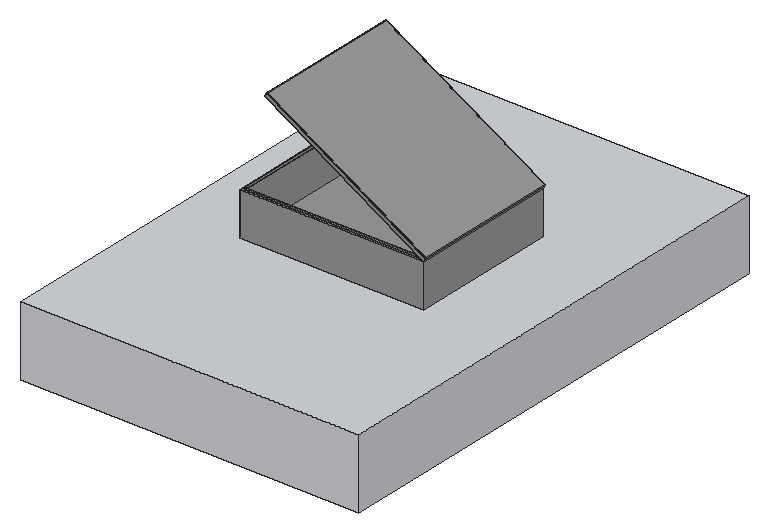
Revit family "Hager-Univers-IP44-D205-H650-Cl.II-Encl-ES-es", category Equipement électrique, Revit 2020
Family settings
  Hôte = Face
  Configuration du panneau = Deux colonnes, circuits au sein
  Cote de connecteur circulaire = Utiliser le diamètre
  Type d'élément = Tableau de raccordement
  Couper avec des vides une fois chargée = Non
  Partagée = Non
  Point de calcul de pièce = Non
Parameters (values of type "Montado superficial (escayola) IP44 A800 A650 P205  - FP43SN2")
  Width Control [instance] = if([EF000008 - Anchura] > Min Width, [EF000008 - Anchura], Min Width)  # 800 mm
  Commentaires du type = [HG000003 - Gama]  # "Univers"
  Thickness Door [instance] = if([EF009171 - Espesor puerta/tapa] > 3 mm, 3 mm, [EF009171 - Espesor puerta/tapa])  # 1 mm
  Seal Frame Offset [instance] = 17 mm  # constant formula
  Plinth Visibility [instance] = [HG000027 - Altura de zócalo] > 0 mm  # no
  Model = ""
  Min Width [instance] = 100 mm  # constant formula
  Min Height [instance] = 100 mm  # constant formula
  Min Depth [instance] = (2 * [EF009170 - Espesor del material de la caja]) + 1 mm  # 3 mm
  Internal Frame Depth [instance] = (Door System Depth * 0.5)  # 9 mm
  Height Control [instance] = if([EF000040 - Altura] > Min Height, [EF000040 - Altura], Min Height)  # 650 mm
  HG000027 - Altura de zócalo = 0 mm
  HG000026 - Instalación en suelo = no
  HG000024 - Altura de la sección inferior = 800 mm
  HG000023 - Caja de doble sección = no
  HG000016 - Visibilidad de la puerta 3D [instance] = yes
  HG000015 - Visibilidad a través de la puerta [instance] = no
  HG000014 - Puerta a la derecha [instance] = yes
  HG000013 - Puerta a la izquierda [instance] = not([HG000014 - Puerta a la derecha])  # no
  HG000012 - Ángulo de giro de la puerta [instance] = 30.00°
  HG000010 - Puertas asimétricas = no
  HG000009 - Puerta batiente doble = no
  HG000006 - Empotrado = no
  HG000004 - Referencia del fabricante = "FP43SN2"
  HG000003 - Gama = "Univers"
  HG000002 - Con puerta o tapa = yes
  Frame Offset Bottom [instance] = 10 mm  # constant formula
  Frame Offset [instance] = 15 mm  # constant formula
  EF015940 - Tapa con alivio de sobrepresión = no
  EF011959 - Grado de protección (NEMA) = ""
  EF009554 - Número de aberturas para placas-brida = 6
  Fabricant = "Hager"  # constant formula
  EF009212 - Versión de la cubierta = "EV000116 - Cerrado"
  EF009171 - Espesor puerta/tapa = 1 mm
  EF009170 - Espesor del material de la caja = 1 mm
  EF008873 - Corriente nominal (In) = 250 A
  EF007800 - Adecuado para la protección contra rayos = no
  EF006306 - Con cierre = no
  EF006244 - Tapa/puerta transparente = no
  EF005474 - Grado de protección (IP) = "EV006418 - IP44"
  EF004464 - Tipo de puerta = "EV002646 - Único"
  EF004427 - Número de módulos = 144
  EF004293 - Resistencia al impacto (IK) = "EV006815 - IK09"
  EF003532 - Adecuado para uso en exteriores = no
  EF002950 - Anchura de unidades de división = 36
  EF001613 - Integridad del circuito = "EV000494 - Ninguno"
  EF001596 - Material de la carcasa = "EV000179 - Acero"
  EF001131 - Profundidad interna = 143 mm
  EF001088 - Posibilidad de extensión = yes
  EF000437 - Número de entradas de conductos de cables = 6
  EF000339 - Tipo de cubierta = "EV001012 - Cubrir"
  EF000266 - Número de filas = 4
  EF000218 - Profundidad de instalación = 205 mm
  EF000118 - Con placa de montaje = no
  EF000116 - Número RAL = "9010"
  EF000049 - Profundidad = 205 mm
  EF000040 - Altura = 650 mm
  EF000008 - Anchura = 800 mm
  EF000007 - Color = "EV000202 - Blanco"
  EF000003 - Tipo de montaje = "EV000384 - Montado superficial (escayola)"
  Door System Leaf Tolerance [instance] = 1.5 mm  # constant formula
  Door System Depth [instance] = 18 mm  # constant formula
  Door Height [instance] = Height Control - [HG000027 - Altura de zócalo]  # 650 mm
  Depth Control [instance] = if([EF000049 - Profundidad] > Min Depth, [EF000049 - Profundidad], Min Depth)  # 205 mm
  Default Elevation = 0 mm
  Connector Offset [instance] = Height Control / 2  # 325 mm
  Bottom Top Plate Trim [instance] = 1.5 mm  # constant formula
  Plinth height Ctrl [instance] = if([HG000027 - Altura de zócalo] > 0 mm, [HG000027 - Altura de zócalo], 12 mm)  # 12 mm
Types (5, lengths in mm): name | Width Control | HG000010 - Puertas asimétricas | HG000009 - Puerta batiente doble | HG000004 - Referencia del fabricante | EF009554 - Número de aberturas para placas-brida | EF004464 - Tipo de puerta | EF004427 - Número de módulos | EF002950 - Anchura de unidades de división | EF000437 - Número de entradas de conductos de cables | EF000008 - Anchura
  Montado superficial (escayola) IP44 A1050 A650 P205  - FP44SN2 | 1050 | no | yes | "FP44SN2" | 8 | "EV003602 - Doble" | 192 | 48 | 8 | 1050
  Montado superficial (escayola) IP44 A1300 A650 P205  - FP45SN2 | 1300 | yes | yes | "FP45SN2" | 10 | "EV003602 - Doble" | 240 | 60 | 10 | 1300
  Montado superficial (escayola) IP44 A300 A650 P205  - FP41SN2 | 300 | no | no | "FP41SN2" | 2 | "EV002646 - Único" | 48 | 12 | 2 | 300
  Montado superficial (escayola) IP44 A550 A650 P205  - FP42SN2 | 550 | no | no | "FP42SN2" | 4 | "EV002646 - Único" | 96 | 24 | 4 | 550
  Montado superficial (escayola) IP44 A800 A650 P205  - FP43SN2 | 800 | no | no | "FP43SN2" | 6 | "EV002646 - Único" | 144 | 36 | 6 | 800
Reference planes
  plane 1 "Center (Front/Back)": y = 0
  plane 2: z = 0
  plane 3 "Center (Left/Right)": x = 0
  plane 4: z = 205
  plane 5: y = 1
  plane 6: y = 325
  plane 7: y = 0
  plane 8: y = 650
  plane 9: z = 0
  plane 10: x = -385
  plane 11: x = 385
  plane 12: x = 384
  plane 13: x = -384
  plane 14: y = 649
  plane 15: x = -383
  plane 16: x = -400
  plane 17: x = 383
  plane 18: x = 400
  plane 19: x = 399
  plane 20: x = -399
  plane 21: y = 11
  plane 22: y = 650
  plane 23: y = 634
  plane 24: z = 187
  plane 25: z = 1
  plane 26: z = 186
  plane 27: z = 204
Forms (mm)
  Extrusion 1, solid
    sketch origin (0, 0, 0) x (1, 0, 0) y (0, 1, 0)
      loop
        line (-702.964, 1305) -> (-702.964, -811.445) -> (766.763, -811.445) -> (766.763, 1305) -> (-702.964, 1305)
    from 0 to -304.8
  Extrusion 2, solid, material "Hager_Steel_RAL7035_Light_Grey", visible <- "Plinth Visibility", detail levels medium+fine
    sketch origin (0, 0, 0) x (1, 0, 0) y (0, 1, 0)
      loop
        line (-400, 0) -> (400, 0) -> (400, 12) -> (-400, 12) -> (-400, 0)
    from 0 to 187
  Extrusion 3, solid, material "Hager_Steel_RAL7035_Light_Grey", detail levels medium+fine
    sketch origin (0, 0, 0) x (1, 0, 0) y (0, 1, 0)
      loop
        line (-400, 0) -> (400, 0) -> (400, 650) -> (-400, 650) -> (-400, 0)
    from 0 to 187
  Extrusion 4, void
    sketch origin (0, 0, 0) x (1, 0, 0) y (0, 1, 0)
      loop
        line (-399, 1) -> (399, 1) -> (399, 649) -> (-399, 649) -> (-399, 1)
    from 1 to 186
  Extrusion 5, void
    sketch origin (-381.607, -4572, 187) x (0, -1, 0) y (-1, 0, 0)
      loop
        line (-4583, 2.393) -> (-5206, 2.393) -> (-5206, -765.607) -> (-4583, -765.607) -> (-4583, 2.393)
    from 0 to 1 <- "EF009170 - Espesor del material de la caja"
  Extrusion 6, solid, material "Hager_Steel_RAL7035_Light_Grey", detail levels fine
    sketch origin (0, 0, 187) x (1, 0, 0) y (0, 1, 0)
      loop
        line (-384, 634) -> (-384, 11) -> (384, 11) -> (384, 634) -> (-384, 634)
      loop
        line (-385, 10) -> (385, 10) -> (385, 635) -> (-385, 635) -> (-385, 10)
    from 0 to 9 <- "Internal Frame Depth"
  Extrusion 7, solid, material "Hager_Steel_RAL7035_Light_Grey", detail levels coarse
    sketch origin (0, 0, 0) x (1, 0, 0) y (0, 1, 0)
      loop
        line (-400, 0) -> (400, 0) -> (400, 650) -> (-400, 650) -> (-400, 0)
    from 0 to 205
  Sweep 8, void
    path in 3D
      loop
        line (-400, 12, 0) -> (400, 12, 0) -> (400, 12, 187) -> (-400, 12, 187) -> (-400, 12, 0)
    profile origin (-400, 12, 93.5) x (-1, 0, 0) y (0, -1, 0)
      loop
        line (0, 0) -> (0, 1.5) -> (-1.5, 1.5)
        arc (-1.5, 1.5) -> (-1.061, 0.439) -> (0, 0) r 1.5
Cuts and joins
  Extrusion 4, Extrusion 5 cuts Extrusion 3
  Sweep 8 cuts Extrusion 2
Lines and regions (mm)
  Masking region 1
    outline origin (0, 0, 0) x (1, 0, 0) y (0, 0, 1)
      loop
        line (-400, 205) -> (-400, 0) -> (400, 0) -> (400, 205) -> (-400, 205)
  Masking region 2, detail levels medium+fine
    outline origin (0, 140, 0) x (0, 1, 0) y (0, 0, 1)
      loop
        line (-140, 0) -> (510, 0) -> (510, 187) -> (-140, 187) -> (-140, 0)
  Masking region 3, not visible, detail levels medium+fine
    outline origin (0, 297.922, 0) x (0, 1, 0) y (0, 0, 1)
      loop
        line (38.578, 0) -> (78.578, 0) -> (78.578, 194)
        arc (78.578, 194) -> (75.649, 201.071) -> (68.578, 204) r 10
        line (68.578, 204) -> (38.578, 204) -> (38.578, 0)
  Masking region 4, detail levels coarse
    outline origin (0, 0, 180) x (0, 1, 0) y (0, 0, 1)
      loop
        line (0, -180) -> (650, -180) -> (650, 25) -> (0, 25) -> (0, -180)
  Masking region 5, visible <- "Plinth Visibility", detail levels medium+fine
    outline origin (0, 52.24, 12.345) x (0, 0, -1) y (0, 1, 0)
      loop
        line (10.845, -40.24) -> (-173.155, -40.24)
        arc (-173.155, -40.24) -> (-173.594, -41.301) -> (-174.655, -41.74) r 1.5
        line (-174.655, -41.74) -> (-174.655, -52.24) -> (12.345, -52.24) -> (12.345, -41.74)
        arc (12.345, -41.74) -> (11.285, -41.301) -> (10.845, -40.24) r 1.5
  Masking region 6, detail levels medium+fine
    outline origin (-381.607, -4572, 187) x (-1, 0, 0) y (0, -1, 0)
      loop
        line (18.393, -5222) -> (18.393, -4572) -> (-781.607, -4572) -> (-781.607, -5222) -> (18.393, -5222)
  Masking region 7, visible <- "Plinth Visibility", detail levels medium+fine
    outline origin (-381.607, -4727, 187) x (-1, 0, 0) y (0, -1, 0)
      loop
        arc (16.893, -4739) -> (17.332, -4737.939) -> (18.393, -4737.5) r 1.5
        line (18.393, -4737.5) -> (18.393, -4727) -> (-781.607, -4727) -> (-781.607, -4737.5)
        arc (-781.607, -4737.5) -> (-780.546, -4737.939) -> (-780.107, -4739) r 1.5
        line (-780.107, -4739) -> (16.893, -4739)
  Masking region 8, detail levels coarse
    outline origin (-442.548, -4669.526, 187) x (-1, 0, 0) y (0, -1, 0)
      loop
        line (-42.548, -5319.526) -> (-42.548, -4669.526) -> (-842.548, -4669.526) -> (-842.548, -5319.526) -> (-42.548, -5319.526)
  sketch lines
    curve 1: line (-400, 12, 187) -> (-400, 12, 0)
    curve 2: line (400, 12, 187) -> (-400, 12, 187)
    curve 3: line (400, 12, 187) -> (400, 12, 0)
    curve 4: line (-400, 12, 0) -> (400, 12, 0)
Dimensions and locks
  "Depth Control": plane 4 to Extrusion 1
  "HG000027 - Altura de zócalo": plane 1 "Center (Front/Back)" to plane 7
  "EF009170 - Espesor del material de la caja": plane 5 to plane 7
  locked: connector elem to plane 3 "Center (Left/Right)"
  equal spacing: plane 8, plane 6, plane 7
  locked: connector elem to plane 6
  "EF009170 - Espesor del material de la caja": plane 8 to plane 14
  "EF009170 - Espesor del material de la caja": plane 10 to plane 13
  "EF009170 - Espesor del material de la caja": plane 12 to plane 11
  "Frame Offset": plane 20 to plane 13
  "Frame Offset": plane 12 to plane 19
  "EF009170 - Espesor del material de la caja": plane 16 to plane 20
  "EF009170 - Espesor del material de la caja": plane 19 to plane 18
  "Seal Frame Offset": plane 16 to plane 15
  "Seal Frame Offset": plane 17 to plane 18
  "Frame Offset Bottom": plane 21 to plane 5
  "Frame Offset": plane 14 to plane 23
  equal spacing: plane 16, plane 3 "Center (Left/Right)", plane 18
  "Width Control": plane 16 to plane 18
  "EF009170 - Espesor del material de la caja": plane 4 to plane 27
  "EF009170 - Espesor del material de la caja": plane 24 to plane 26
  "EF009170 - Espesor del material de la caja": plane 25 to level
  "Door System Depth": plane 4 to plane 24
  "Height Control": plane 1 "Center (Front/Back)" to Extrusion 7 sketch curve
  "Height Control": Masking region 4 sketch curve to plane 1 "Center (Front/Back)"
  "Height Control": plane 1 "Center (Front/Back)" to plane 22
  "Bottom Top Plate Trim": profile plane to Sweep 8 sketch curve
  "Bottom Top Plate Trim": Sweep 8 sketch curve to profile plane
  "Plinth height Ctrl": plane 1 "Center (Front/Back)" to Extrusion 2 sketch curve
  "Plinth height Ctrl": Masking region 5 sketch curve to plane 1 "Center (Front/Back)"
  "Plinth height Ctrl": plane 1 "Center (Front/Back)" to Masking region 7 sketch curve
  "Thickness Door": Extrusion 6 sketch curve to Extrusion 6 sketch curve  (x3)
  "Thickness Door": cut or joined group of Extrusion 3, Extrusion 4, Extrusion 5 to Extrusion 6 sketch curve
  radius of Masking region 3 sketch curve = 10 mm
  "Bottom Top Plate Trim": radius of Masking region 5 sketch curve  (x2)
  "Bottom Top Plate Trim": radius of Sweep 8 sketch curve
  "Bottom Top Plate Trim": radius of Masking region 7 sketch curve  (x2)
  aligned and locked: plane 2 to Extrusion 1
  aligned and locked: level to Extrusion 1
  aligned and locked: level to Masking region 1 sketch curve
  aligned and locked: Masking region 1 sketch curve to plane 18
  aligned and locked: Masking region 1 sketch curve to plane 16
  aligned and locked: plane 7 to Masking region 2 sketch curve
  aligned and locked: level to Masking region 3 sketch curve
  aligned and locked: Masking region 3 sketch curve to plane 27
  aligned and locked: level to Masking region 2 sketch curve
  aligned and locked: plane 1 "Center (Front/Back)" to Extrusion 2 sketch curve
  aligned and locked: Extrusion 3 sketch curve to plane 7
  aligned and locked: plane 16 to Extrusion 3 sketch curve
  aligned and locked: plane 18 to Extrusion 3 sketch curve
  aligned and locked: plane 20 to Extrusion 4 sketch curve
  aligned and locked: plane 19 to Extrusion 4 sketch curve
  aligned and locked: Extrusion 4 sketch curve to plane 5
  aligned and locked: Extrusion 4 to plane 25
  aligned and locked: plane 26 to Extrusion 4
  aligned and locked: plane 24 to Extrusion 3
  aligned and locked: Extrusion 5 sketch curve to plane 21
  aligned and locked: Extrusion 5 sketch curve to plane 13
  aligned and locked: Extrusion 5 sketch curve to plane 12
  aligned and locked: plane 18 to Extrusion 7 sketch curve
  aligned and locked: plane 1 "Center (Front/Back)" to Extrusion 7 sketch curve
  aligned and locked: plane 16 to Extrusion 7 sketch curve
  aligned and locked: plane 4 to Extrusion 7
  aligned and locked: Extrusion 7 to level
  aligned and locked: level to Masking region 4 sketch curve
  aligned and locked: Masking region 4 sketch curve to plane 1 "Center (Front/Back)"
  aligned and locked: Masking region 4 sketch curve to plane 4
  aligned and locked: nested 1 to level
  aligned and locked: nested 1 to plane 16
  aligned and locked: plane 8 to Extrusion 3 sketch curve
  aligned and locked: plane 23 to Extrusion 5 sketch curve
  aligned and locked: plane 14 to Extrusion 4 sketch curve
  aligned and locked: Masking region 2 sketch curve to plane 8
  aligned and locked: level to Masking region 5 sketch curve
  aligned and locked: plane 16 to Extrusion 2 sketch curve
  aligned and locked: plane 18 to Extrusion 2 sketch curve
  aligned and locked: Masking region 5 sketch curve to plane 24
  aligned and locked: Masking region 2 sketch curve to plane 24
  aligned and locked: plane 24 to Extrusion 2
  aligned and locked: profile plane to Sweep 8 sketch curve  (x2)
  aligned and locked: Masking region 6 sketch curve to plane 18
  aligned and locked: Masking region 6 sketch curve to plane 22
  aligned and locked: Masking region 6 sketch curve to plane 16
  aligned and locked: plane 8 to plane 22
  aligned and locked: Masking region 6 sketch curve to plane 7
  aligned and locked: Masking region 7 sketch curve to plane 16
  aligned and locked: Masking region 7 sketch curve to plane 1 "Center (Front/Back)"
  aligned and locked: Masking region 7 sketch curve to plane 18
  aligned and locked: Masking region 8 sketch curve to plane 1 "Center (Front/Back)"
  aligned and locked: Masking region 8 sketch curve to plane 18
  aligned and locked: Masking region 8 sketch curve to plane 22
  aligned and locked: Masking region 8 sketch curve to plane 16
  aligned and locked: nested 2 to plane 7
  aligned and locked: plane 3 "Center (Left/Right)" to nested 2
  aligned and locked: nested 2 to plane 24
  aligned and locked: Extrusion 6 sketch curve to cut or joined group of Extrusion 3, Extrusion 4, Extrusion 5  (x4)
Automatic sketch dimensions
  Extrusion 1 sketch curve to Extrusion 1 sketch curve = 1469.727 mm
  Extrusion 1 sketch curve to Extrusion 1 sketch curve = 2116.445 mm
  Masking region 1 sketch curve to plane 4 = 0 mm
  plane 6 to Masking region 3 sketch curve = 11.5 mm
  Masking region 3 sketch curve to Masking region 3 sketch curve = 30 mm
  Masking region 5 sketch curve to plane 1 "Center (Front/Back)" = 0 mm
Nested families
  nested 1: "Hager_Enclosure_Symbol" at (-400, 0, 0) x (1, 0, 0) z (0, -1, 0), Height <- "Depth Control", Width <- "Width Control", type "Hager_Enclosure_Symbol"
    with Width_Ctrl 800 mm, Width 800 mm, Height_Ctrl 205 mm, Height 205 mm, A_Width_Int 13.453 mm, A_Width 161.438 mm, A_Height_Ctrl 179.375 mm, A_Height 179.375 mm
  nested 2: "EC000058_Univers_Door" at (0, 0, 187) x (1, 0, 0) z (0, 1, 0), Leaf_Tolerance <- "Door System Leaf Tolerance", Angle <- "HG000012 - Ángulo de giro de la puerta", Door_Depth <- "Door System Depth", Door_Left <- "HG000013 - Puerta a la izquierda", Transparent <- "EF006244 - Tapa/puerta transparente", Assymetrical <- "HG000010 - Puertas asimétricas", Width <- "Width Control", Clearance <- "HG000015 - Visibilidad a través de la puerta", Double <- "HG000009 - Puerta batiente doble", 3d_Door <- "HG000016 - Visibilidad de la puerta 3D", Lock_Visibility <- "EF006306 - Con cierre", Width_Ctrl <- "Width Control", Door_Right <- "HG000014 - Puerta a la derecha", Door <- "HG000002 - Con puerta o tapa", Height <- "Door Height", Thickness <- "Thickness Door", type "EC000058_Univers_Door", detail levels medium+fine
    with min_wh 3 mm, Width_Ctrl 800 mm, Width 800 mm, Transparent no, Thickness 1 mm, Seal_Material Hager_Rubber, Lock_Visibility no, Lock_Material Hager_Plastic_RAL9005_Jet_Black, Leaf_Width 800 mm, Leaf_Tolerance_External_Sides 0 mm, Leaf_Tolerance 1.5 mm, Leaf_Offset 0 mm, Leaf_Height 647 mm, Leaf_2_Width 800 mm, Leaf_2_Offset 400 mm, Leaf_1_Width 800 mm, Leaf_1_Offset 400 mm, Height_Ctrl 650 mm, Height 650 mm, Glass_Material Hager_Glass, Double_Clearance_Ctrl no, Double no, Door_Right_Ctrl yes, Door_Right yes, Door_Material Hager_Steel_RAL7035_Light_Grey, Door_Left_Ctrl no, Door_Left no, Door_Depth 18 mm, Door yes, Clearance_Material Hager_Clearance, Clearance_Depth 800 mm, Clearance_Ctrl no, Clearance no, Assymetrical no, Angle 30.00°, 3d_Door yes
Connectors
  electrical at (0, 325, 0)
    settings: on plane 9, index 1, voltage 0 V, apparent load 0 VA, apparent load phase1 0 VA, apparent load phase2 0 VA, apparent load phase3 0 VA, power factor 1, load classification "Other", number of poles 1, system type 30, power factor state 1, is connector primary yes, connector utility no, sub classification motor no, connector description ""
Definition of nested family "EC000058_Univers_Door"
  Parameters (values of type "EC000058_Univers_Door")
    min_wh [instance] = (2 * Thickness) + 1 mm  # 11 mm
    Width_Ctrl [instance] = 400 mm
    Width [instance] = 500 mm
    Transparent [instance] = yes
    Thickness [instance] = 5 mm
    Seal_Material [instance] = none
    Lock_Visibility [instance] = yes
    Lock_Material [instance] = none
    Leaf_Width [instance] = if((Width_Ctrl - 2 * Leaf_Tolerance_External_Sides) > 0 mm, (Width_Ctrl - 2 * Leaf_Tolerance_External_Sides), min_wh)  # 400 mm
    Leaf_Tolerance_External_Sides [instance] = 0 mm  # constant formula
    Leaf_Tolerance [instance] = 1.5 mm
    Leaf_Offset [instance] = 0 mm  # constant formula
    Leaf_Height [instance] = if((Height_Ctrl - 2 * Leaf_Tolerance) > 0 mm, (Height_Ctrl - 2 * Leaf_Tolerance), min_wh)  # 497 mm
    Leaf_2_Width [instance] = if(and(and(Double, Assymetrical), Door_Left), (Leaf_Width / 3) - (Leaf_Tolerance / 2), if(and(and(Double, Assymetrical), Door_Right), (Leaf_Width / 3) * 2 - (Leaf_Tolerance / 2), if(and(Double, not(Assymetrical)), (Leaf_Width / 2) - Leaf_Tolerance, Leaf_Width)))  # 400 mm
    Leaf_2_Offset [instance] = if(and(Double, Assymetrical), Leaf_2_Width / 2, if(and(Double, not(Assymetrical)), Leaf_Width / 4, Leaf_Width / 2))  # 200 mm
    Leaf_1_Width [instance] = if(and(and(Double, Assymetrical), Door_Right), (Leaf_Width / 3) - (Leaf_Tolerance / 2), if(and(and(Double, Assymetrical), Door_Left), (Width / 3) * 2 - (Leaf_Tolerance / 2), if(and(Double, not(Assymetrical)), (Leaf_Width / 2) - Leaf_Tolerance, Leaf_Width)))  # 400 mm
    Leaf_1_Offset [instance] = if(and(Double, Assymetrical), Leaf_1_Width / 2, if(and(Double, not(Assymetrical)), Leaf_Width / 4, Leaf_Width / 2))  # 200 mm
    Height_Ctrl [instance] = if(Height > min_wh, Height, min_wh)  # 500 mm
    Height [instance] = 500 mm
    Glass_Material [instance] = none
    Double_Clearance_Ctrl [instance] = and(Double, Clearance)  # no
    Double [instance] = no
    Door_Right_Ctrl [instance] = and(or(Door_Right, Double), Door)  # yes
    Door_Right [instance] = yes
    Door_Material [instance] = none
    Door_Left_Ctrl [instance] = and(or(Door_Left, Double), Door)  # no
    Door_Left [instance] = no
    Door_Depth [instance] = 30 mm
    Door [instance] = yes
    Default Elevation = 1219.2 mm
    Clearance_Material [instance] = none
    Clearance_Depth [instance] = if(Leaf_1_Width > Leaf_2_Width, Leaf_1_Width, Leaf_2_Width)  # 400 mm
    Clearance_Ctrl [instance] = and(not(Double), Clearance)  # yes
    Clearance [instance] = yes
    Assymetrical [instance] = yes
    Angle [instance] = 30.00°
    3d_Door [instance] = yes
  Reference planes
    plane 1 "Center (Front/Back)": y = 0
    plane 2 "Bottom": z = 0
    plane 3 "Center (Left/Right)": x = 0
    plane 4: z = 500
    plane 5: x = -200
    plane 6: x = 200
    plane 7: z = 500
    plane 8: x = -200
    plane 9: z = 0
    plane 10: x = 200
    plane 11: y = 0
    plane 12: z = 1.5
    plane 13: x = -600
    plane 14: y = -400
    plane 15: x = 600
    plane 16: x = 0
    plane 17: x = 0
    plane 18: x = -200
    plane 19: x = 200
    plane 20: z = 498.5
  Forms (mm)
    Extrusion 1, solid, material <- "Clearance_Material", visible <- "Double_Clearance_Ctrl"
      sketch origin (1200, 0, 0) x (1, 0, 0) y (0, 0, -1)
        loop
          line (-1800, -498.5) -> (-600, -498.5) -> (-600, 0) -> (-1800, 0) -> (-1800, -498.5)
      from 0 to -400
  Dimensions and locks
    equal spacing: plane 5, plane 3 "Center (Left/Right)", plane 6
    "Width_Ctrl": plane 5 to plane 6
    "Leaf_Offset": plane 5 to plane 8
    "Leaf_Offset": plane 6 to plane 10
    "Leaf_Offset": plane 9 to level
    "Leaf_Offset": plane 4 to plane 7
    "Height_Ctrl": plane 4 to level
    "Leaf_Tolerance": plane 12 to plane 9
    locked: plane 11 to plane 1 "Center (Front/Back)"
    "Leaf_1_Offset": plane 18 to plane 16
    "Leaf_2_Offset": plane 17 to plane 19
    "Leaf_1_Width": plane 13 to plane 8
    "Leaf_2_Width": plane 10 to plane 15
    "Clearance_Depth": plane 14 to plane 1 "Center (Front/Back)"
    "Leaf_Tolerance_External_Sides": plane 8 to plane 18
    "Leaf_Tolerance_External_Sides": plane 19 to plane 10
    "Leaf_Tolerance": plane 7 to plane 20
    aligned and locked: level to plane 2 "Bottom"
    aligned and locked: nested 1 to plane 16
    aligned and locked: nested 2 to plane 17
    aligned and locked: Extrusion 1 to plane 13
    aligned and locked: plane 15 to Extrusion 1
    aligned and locked: Extrusion 1 to plane 14
    aligned and locked: plane 12 to nested 1
    aligned and locked: nested 2 to plane 12
    aligned and locked: Extrusion 1 to plane 11
    aligned and locked: plane 20 to Extrusion 1
    aligned and locked: nested 2 to plane 11
    aligned and locked: nested 1 to plane 11
  Automatic sketch dimensions
    Extrusion 1 sketch curve to level = 0 mm
    plane 5 to Extrusion 1 sketch curve = 400 mm
    plane 6 to Extrusion 1 sketch curve = 400 mm
    Extrusion 1 sketch curve to plane 4 = 1.5 mm
  Nested families
    nested 1: "EC000058_Univers_Door_Leaf" at (0, 0, 1.5), Width <- "Leaf_1_Width", visible <- "Door_Left_Ctrl", Leaf_Height <- "Leaf_Height", Angle <- "Angle", 3d_Door <- "3d_Door", Transparent <- "Transparent", Clearance Material <- "Clearance_Material", Clearance <- "Clearance_Ctrl", Door_Material <- "Door_Material", Glass_Material <- "Glass_Material", Door_Depth <- "Door_Depth", Lock_Material <- "Lock_Material", Seal_Material <- "Seal_Material", Lock_Visibility <- "Lock_Visibility", Thickness <- "Thickness", type "EC000058_Univers_Door_Leaf"
      with Width 400 mm, Transparent_Glass_Offset 30 mm, Transparent_Ctrl yes, Transparent yes, Thickness 5 mm, Standard no, Seal_Material none, Seal_D2 8 mm, Seal_D1 1 mm, Offset_Internal_Frame 10 mm, Lock_Width 20 mm, Lock_Visibility_3d yes, Lock_Visibility yes, Lock_Thickness_3 3 mm, Lock_Thickness_2 1 mm, Lock_Thickness_1 3 mm, Lock_Radius_Offset_2 16 mm, Lock_Radius_Offset_1 15 mm, Lock_Radius_2 5 mm, Lock_Radius 6 mm, Lock_Offset 5 mm, Lock_Material none, Lock_Height 80 mm, Lock_Cover_Top_Offset_2d 17 mm, Lock_Cover_Height -65 mm, Leaf_Height 497 mm, Internal_Seal_Thickness 8 mm, Internal_Seal_Depth_2 4.5 mm, Internal_Frame_Depth 25 mm, Glass_Thickness -1 mm, Glass_Offset -2 mm, Glass_Material none, Door_Material none, Door_Depth 30 mm, Clearance Material none, Clearance yes, Angle_Ctrl 30.00°, Angle 30.00°, 3d_Door yes
    nested 2: "EC000058_Univers_Door_Leaf" at (0, 0, 1.5) x (-1, 0, 0) z (0, 0, 1), Width <- "Leaf_2_Width", visible <- "Door_Right_Ctrl", Leaf_Height <- "Leaf_Height", Angle <- "Angle", 3d_Door <- "3d_Door", Transparent <- "Transparent", Clearance Material <- "Clearance_Material", Clearance <- "Clearance_Ctrl", Door_Material <- "Door_Material", Glass_Material <- "Glass_Material", Door_Depth <- "Door_Depth", Lock_Material <- "Lock_Material", Seal_Material <- "Seal_Material", Lock_Visibility <- "Lock_Visibility", Thickness <- "Thickness", type "EC000058_Univers_Door_Leaf"
      with Width 400 mm, Transparent_Glass_Offset 30 mm, Transparent_Ctrl yes, Transparent yes, Thickness 5 mm, Standard no, Seal_Material none, Seal_D2 8 mm, Seal_D1 1 mm, Offset_Internal_Frame 10 mm, Lock_Width 20 mm, Lock_Visibility_3d yes, Lock_Visibility yes, Lock_Thickness_3 3 mm, Lock_Thickness_2 1 mm, Lock_Thickness_1 3 mm, Lock_Radius_Offset_2 16 mm, Lock_Radius_Offset_1 15 mm, Lock_Radius_2 5 mm, Lock_Radius 6 mm, Lock_Offset 5 mm, Lock_Material none, Lock_Height 80 mm, Lock_Cover_Top_Offset_2d 17 mm, Lock_Cover_Height -65 mm, Leaf_Height 497 mm, Internal_Seal_Thickness 8 mm, Internal_Seal_Depth_2 4.5 mm, Internal_Frame_Depth 25 mm, Glass_Thickness -1 mm, Glass_Offset -2 mm, Glass_Material none, Door_Material none, Door_Depth 30 mm, Clearance Material none, Clearance yes, Angle_Ctrl 30.00°, Angle 30.00°, 3d_Door yes
  Definition of nested family "EC000058_Univers_Door_Leaf"
    Parameters (values of type "EC000058_Univers_Door_Leaf")
      Width [instance] = 2000 mm
      Transparent_Glass_Offset [instance] = 30 mm
      Transparent_Ctrl [instance] = and(Transparent, [3d_Door])  # yes
      Transparent [instance] = yes
      Thickness [instance] = 5 mm
      Standard [instance] = and(not(Transparent), [3d_Door])  # no
      Seal_Material [instance] = none
      Seal_D2 [instance] = 8 mm  # constant formula
      Seal_D1 [instance] = 1 mm  # constant formula
      Offset_Internal_Frame [instance] = 10 mm  # constant formula
      Lock_Width [instance] = 20 mm  # constant formula
      Lock_Visibility_3d [instance] = and(Lock_Visibility, [3d_Door])  # yes
      Lock_Visibility [instance] = yes
      Lock_Thickness_3 [instance] = 3 mm  # constant formula
      Lock_Thickness_2 [instance] = 1 mm  # constant formula
      Lock_Thickness_1 [instance] = 3 mm  # constant formula
      Lock_Radius_Offset_2 [instance] = Lock_Radius_Offset_1 + 1 mm  # 16 mm
      Lock_Radius_Offset_1 [instance] = 15 mm  # constant formula
      Lock_Radius_2 [instance] = Lock_Radius - 1 mm  # 5 mm
      Lock_Radius [instance] = 6 mm  # constant formula
      Lock_Offset [instance] = 5 mm  # constant formula
      Lock_Material [instance] = none
      Lock_Height [instance] = 80 mm  # constant formula
      Lock_Cover_Top_Offset_2d [instance] = Lock_Radius_Offset_2 + 1 mm  # 17 mm
      Lock_Cover_Height [instance] = -(Lock_Height - Lock_Radius_Offset_1)  # -65 mm
      Leaf_Height [instance] = 2720.336 mm
      Internal_Seal_Thickness [instance] = 8 mm  # constant formula
      Internal_Seal_Depth_2 [instance] = 4.5 mm  # constant formula
      Internal_Frame_Depth [instance] = if(Door_Depth - Thickness > 5 mm, Door_Depth - Thickness, 5 mm)  # 25 mm
      Glass_Thickness [instance] = if(Thickness > 15 mm, Glass_Offset + 10 mm, -1 mm)  # -1 mm
      Glass_Offset [instance] = if(Thickness > 15 mm, -(Thickness + 10 mm) / 2, -2 mm)  # -2 mm
      Glass_Material [instance] = none
      Door_Material [instance] = none
      Door_Depth [instance] = 30 mm
      Default Elevation = 0 mm
      Clearance Material [instance] = none
      Clearance [instance] = yes
      Angle_Ctrl [instance] = if(Angle > 180.00°, 180.00°, Angle)  # 90.00°
      Angle [instance] = 90.00°
      3d_Door [instance] = yes
    Reference planes
      plane 1 "Center (Front/Back)": y = 0
      plane 2: z = 0
      plane 3 "Center (Left/Right)": x = 0
      plane 4: y = 2000
      plane 5: x = -1000
      plane 6: x = 1000
      plane 7: x = -3000
      plane 8: z = 2720.336
      plane 9: z = 30
      plane 10: z = 2690.336
      plane 11: x = 970
      plane 12: x = -970
      plane 13: y = -3
      plane 14: z = 107.833
      plane 15: y = -5
      plane 16: y = -223.314
      plane 17: x = -1000
      plane 18: z = 1360.168
      plane 19: y = 30
    Forms (mm)
      Extrusion 1, solid, material <- "Clearance Material", visible <- "Clearance"
        sketch origin (0, 0, 0) x (1, 0, 0) y (0, 0, 1)
          loop
            line (-3000, 2720.336) -> (-3000, 0) -> (1000, 0) -> (1000, 2720.336) -> (-3000, 2720.336)
        from 0 to -2000
      Extrusion 2, solid, material <- "Door_Material", visible <- "Standard", detail levels medium+fine
        sketch origin (-1000, 0, 0) x (0, 1, 0) y (-1, 0, 0)
          loop
            line (0, 30) -> (0, 25) -> (2000, 25) -> (2000, 30) -> (0, 30)
        from 0 to 2720.336 <- "Leaf_Height"
      Extrusion 3, solid, material <- "Door_Material", visible <- "Transparent_Ctrl", detail levels medium+fine
        sketch origin (-1000, 0, 0) x (0, 1, 0) y (-1, 0, 0)
          loop
            line (0, 25) -> (2000, 25) -> (2000, 30) -> (0, 30) -> (0, 25)
        from 0 to 2720.336 <- "Leaf_Height"
      Extrusion 4, void
        sketch origin (-1025, 2000, 0) x (0, 1, 0) y (0, 0, -1)
          loop
            line (-30, -2690.336) -> (-30, -30) -> (-1970, -30) -> (-1970, -2690.336) -> (-30, -2690.336)
        from 0 to 5 <- "Thickness"
      Sweep 5, solid, material <- "Seal_Material", visible <- "Transparent_Ctrl", detail levels fine
        path in 3D
          loop
            line (-1025, 30, 30) -> (-1025, 30, 2690.336) -> (-1025, 1970, 2690.336) -> (-1025, 1970, 30) -> (-1025, 30, 30)
        profile origin (-1025, 1000, 30) x (1, 0, 0) y (0, 0, 1)
          loop
            line (0, 0) -> (0, -8) -> (1, -8) -> (1, 0) -> (0, 0)
      Extrusion 6, solid, material <- "Glass_Material", visible <- "Transparent_Ctrl", detail levels medium+fine
        sketch origin (-1030, 0, 0) x (0, 1, 0) y (0, 0, -1)
          loop
            line (1970, -2690.336) -> (1970, -30) -> (30, -30) -> (30, -2690.336) -> (1970, -2690.336)
        from -2 <- "Glass_Offset" to -1 <- "Glass_Thickness"
      Extrusion 7, solid, material <- "Door_Material", visible <- "3d_Door", detail levels medium+fine
        sketch origin (-1025, 2000, 0) x (0, -1, 0) y (0, 0, -1)
          loop
            line (0, -2720.336) -> (2000, -2720.336) -> (2000, 0) -> (0, 0) -> (0, -2720.336)
          loop
            line (1995, -5) -> (5, -5) -> (5, -2715.336) -> (1995, -2715.336) -> (1995, -5)
        from 0 to 25 <- "Internal_Frame_Depth"
      Sweep 8, solid, material <- "Seal_Material", visible <- "Transparent_Ctrl", detail levels fine
        path in 3D
          loop
            line (-1025, 0, 0) -> (-1025, 2000, 0) -> (-1025, 2000, 2720.336) -> (-1025, 0, 2720.336) -> (-1025, 0, 0)
        profile origin (-1025, 0, 1360.168) x (1, 0, 0) y (0, 1, 0)
          loop
            line (0, 10) -> (2.975, 10)
            arc (2.975, 10) -> (4.053, 10.447) -> (4.5, 11.525) r 1.525
            line (4.5, 11.525) -> (4.5, 16.527)
            arc (4.5, 16.527) -> (4.069, 17.569) -> (3.027, 18) r 1.473
            line (3.027, 18) -> (0, 18) -> (0, 10)
      Extrusion 9, solid, material <- "Lock_Material", visible <- "Lock_Visibility_3d", detail levels fine
        sketch origin (-1030, 0, 0) x (0, 1, 0) y (0, 0, -1)
          loop
            arc (1993.5, -1400.168) -> (1994.561, -1399.729) -> (1995, -1398.668) r 1.5
            line (1995, -1398.668) -> (1995, -1320.168) -> (1975, -1320.168) -> (1975, -1398.668)
            arc (1975, -1398.668) -> (1975.439, -1399.729) -> (1976.5, -1400.168) r 1.5
            line (1976.5, -1400.168) -> (1993.5, -1400.168)
        from 3 <- "Lock_Thickness_1" to 0
      Blend 10, solid, material <- "Lock_Material", visible <- "Lock_Visibility_3d", detail levels fine
        base sketch origin (-1033, 0, 0) x (0, 1, 0) y (0, 0, -1)
          loop
            line (1975, -1320.168) -> (1975, -1398.668)
            arc (1975, -1398.668) -> (1975.439, -1399.729) -> (1976.5, -1400.168) r 1.5
            line (1976.5, -1400.168) -> (1993.5, -1400.168)
            arc (1993.5, -1400.168) -> (1994.561, -1399.729) -> (1995, -1398.668) r 1.5
            line (1995, -1398.668) -> (1995, -1320.168) -> (1975, -1320.168)
        top sketch origin (-1033, 0, 0) x (0, 1, 0) y (0, 0, -1)
          loop
            line (1976, -1320.168) -> (1976, -1398.668)
            arc (1976, -1398.668) -> (1976.146, -1399.022) -> (1976.5, -1399.168) r 0.5
            line (1976.5, -1399.168) -> (1993.5, -1399.168)
            arc (1993.5, -1399.168) -> (1993.854, -1399.022) -> (1994, -1398.668) r 0.5
            line (1994, -1398.668) -> (1994, -1320.168) -> (1976, -1320.168)
        from 0 to 1 <- "Lock_Thickness_2"
      Blend 11, solid, material <- "Lock_Material", visible <- "Lock_Visibility_3d", detail levels fine
        base sketch origin (-1034, 0, 0) x (0, 1, 0) y (0, 0, -1)
          loop
            line (1978, -1320.168) -> (1978, -1384.168)
            arc (1978, -1384.168) -> (1985, -1391.168) -> (1992, -1384.168) r 7
            line (1992, -1384.168) -> (1992, -1320.168) -> (1978, -1320.168)
        top sketch origin (-1034, 0, 0) x (0, 1, 0) y (0, 0, -1)
          loop
            line (1991, -1320.168) -> (1979, -1320.168) -> (1979, -1383.168)
            arc (1979, -1383.168) -> (1985, -1389.168) -> (1991, -1383.168) r 6
            line (1991, -1383.168) -> (1991, -1320.168)
        from 0 to 3 <- "Lock_Thickness_3"
      Extrusion 12, solid, material <- "Lock_Material", visible <- "Lock_Visibility_3d", detail levels fine
        sketch origin (-1030, 1975, 1320.168) x (1, 0, 0) y (0, -1, 0)
          loop
            line (-7, -19) -> (-7, -1) -> (0, -1) -> (0, 0) -> (-8, 0) -> (-8, -20) -> (0, -20) -> (0, -19) -> (-7, -19)
        from 0 to -65 <- "Lock_Cover_Height"
      Extrusion 13, void
        sketch origin (-1038, 1995, 1320.168) x (-1, 0, 0) y (0, 0, -1)
          loop
            line (-5, -65) -> (0, -65) -> (-5, -60) -> (-5, -65)
        from 0 to 20 <- "Lock_Width"
      Extrusion 14, void
        sketch origin (-1038, 1975, 1320.168) x (0, -1, 0) y (0, 0, -1)
          loop
            circle (-10, -15.995) r 6
          loop
            circle (-10, -15.995) r 5
        from 0 to 2
      Extrusion 15, solid, material <- "Lock_Material", visible <- "Lock_Visibility_3d", detail levels medium
        sketch origin (-1030, 0, 0) x (0, 1, 0) y (0, 0, -1)
          loop
            arc (1993.5, -1400.168) -> (1994.561, -1399.729) -> (1995, -1398.668) r 1.5
            line (1995, -1398.668) -> (1995, -1320.168) -> (1975, -1320.168) -> (1975, -1398.668)
            arc (1975, -1398.668) -> (1975.439, -1399.729) -> (1976.5, -1400.168) r 1.5
            line (1976.5, -1400.168) -> (1993.5, -1400.168)
        from 8 to 0
    Cuts and joins
      Extrusion 4 cuts Extrusion 3
      Extrusion 13, Extrusion 14 cuts Extrusion 9
      Extrusion 14 cuts Blend 11
      Extrusion 13, Extrusion 14 cuts Extrusion 12
      joined: Extrusion 9, Blend 10, Blend 11, Extrusion 12
      Extrusion 14 cuts Extrusion 15
    Lines and regions (mm)
      Masking region 1, visible <- "Lock_Visibility", detail levels fine
        outline origin (0, 0, 0) x (0, 1, 0) y (0, 0, 1)
          loop
            line (30, 1320.168) -> (33, 1320.168) -> (33, 1400.168) -> (30, 1400.168) -> (30, 1320.168)
      Masking region 2, visible <- "Lock_Visibility", detail levels fine
        outline origin (0, 3.143, 0) x (0, 1, 0) y (0, 0, 1)
          loop
            line (29.857, 1354.168) -> (30.857, 1354.168) -> (30.857, 1366.168) -> (29.857, 1366.168) -> (29.857, 1354.168)
      Masking region 3, detail levels medium+fine
        outline origin (0, 0, 0) x (0, 1, 0) y (0, 0, 1)
          loop
            line (0, 0) -> (30, 0) -> (30, 2720.336) -> (0, 2720.336) -> (0, 0)
      Masking region 4, detail levels medium+fine
        outline origin (0, 0, 0) x (1, 0, 0) y (0, 0, 1)
          loop
            line (-1000, 2720.336) -> (-1000, 0) -> (1000, 0) -> (1000, 2720.336) -> (-1000, 2720.336)
      Masking region 5, visible <- "Lock_Visibility", detail levels fine
        outline origin (-47.116, 0, 0) x (1, 0, 0) y (0, 0, 1)
          loop
            arc (1024.616, 1399.168) -> (1023.556, 1398.729) -> (1023.116, 1397.668) r 1.5
            line (1023.116, 1397.668) -> (1023.116, 1320.168) -> (1041.116, 1320.168) -> (1041.116, 1397.668)
            arc (1041.116, 1397.668) -> (1040.677, 1398.729) -> (1039.616, 1399.168) r 1.5
            line (1039.616, 1399.168) -> (1024.616, 1399.168)
      Masking region 6, visible <- "Lock_Visibility", detail levels medium+fine
        outline origin (-25, 0, 0) x (1, 0, 0) y (0, 0, 1)
          loop
            arc (1001.5, 1400.168) -> (1000.439, 1399.729) -> (1000, 1398.668) r 1.5
            line (1000, 1398.668) -> (1000, 1320.168) -> (1020, 1320.168) -> (1020, 1398.668)
            arc (1020, 1398.668) -> (1019.561, 1399.729) -> (1018.5, 1400.168) r 1.5
            line (1018.5, 1400.168) -> (1001.5, 1400.168)
      Masking region 7, visible <- "Lock_Visibility", detail levels fine
        outline origin (-73.735, 0, 0) x (1, 0, 0) y (0, 0, 1)
          loop
            line (1051.735, 1382.168) -> (1065.735, 1382.168) -> (1065.735, 1384.168)
            arc (1065.735, 1384.168) -> (1058.735, 1391.168) -> (1051.735, 1384.168) r 7
            line (1051.735, 1384.168) -> (1051.735, 1382.168)
      Masking region 8, visible <- "Lock_Visibility", detail levels fine
        outline origin (-73.735, 0, 0) x (1, 0, 0) y (0, 0, 1)
          loop
            line (1052.735, 1382.168) -> (1064.735, 1382.168) -> (1064.735, 1383.168)
            arc (1064.735, 1383.168) -> (1058.735, 1389.168) -> (1052.735, 1383.168) r 6
            line (1052.735, 1383.168) -> (1052.735, 1382.168)
      Masking region 9, visible <- "Lock_Visibility", detail levels fine
        outline origin (-25, 0, 0) x (1, 0, 0) y (0, 0, 1)
          loop
            line (1020, 1320.168) -> (1020, 1382.168) -> (1000, 1382.168) -> (1000, 1320.168) -> (1020, 1320.168)
      Masking region 10, detail levels medium+fine
        outline origin (0, 0, 0) x (1, 0, 0) y (0, 0, 1)
          loop
            circle (985, 1335.144) r 6
      Masking region 11, detail levels fine
        outline origin (0, 0, 0) x (1, 0, 0) y (0, 0, 1)
          loop
            circle (985, 1335.144) r 5
      Masking region 12, visible <- "Lock_Visibility", detail levels fine
        outline origin (0, 12.767, 0) x (0, 1, 0) y (0, 0, 1)
          loop
            line (20.233, 1320.168) -> (21.233, 1320.168) -> (21.233, 1399.168) -> (20.233, 1400.168) -> (20.233, 1320.168)
      Masking region 13, visible <- "Lock_Visibility", detail levels fine
        outline origin (0, 13.767, -10) x (0, 1, 0) y (0, 0, 1)
          loop
            line (20.233, 1330.168) -> (23.233, 1330.168) -> (23.233, 1399.168) -> (20.233, 1402.168) -> (20.233, 1330.168)
      Masking region 14, visible <- "Lock_Visibility", detail levels fine
        outline origin (0, 12.767, -10) x (0, 1, 0) y (0, 0, 1)
          loop
            line (20.233, 1330.168) -> (25.233, 1330.168) -> (25.233, 1399.305) -> (20.233, 1394.305) -> (20.233, 1330.168)
      Masking region 15, visible <- "Lock_Visibility", detail levels medium
        outline origin (0, 0, 0) x (0, 1, 0) y (0, 0, 1)
          loop
            line (30, 1320.168) -> (38, 1320.168) -> (38, 1400.168) -> (30, 1400.168) -> (30, 1320.168)
      Masking region 16, visible <- "Lock_Visibility", detail levels fine
        outline origin (-1000, 0, 0) x (0, 1, 0) y (-1, 0, 0)
          loop
            line (1975, 30) -> (1995, 30) -> (1995, 38) -> (1975, 38) -> (1975, 30)
          loop
            line (1979, 37) -> (1976, 37) -> (1976, 34) -> (1978, 34) -> (1979, 37)
          loop
            line (1994, 37) -> (1991, 37) -> (1992, 34) -> (1994, 34) -> (1994, 37)
      Masking region 17, visible <- "Lock_Visibility", detail levels medium
        outline origin (-1000, 0, 0) x (0, 1, 0) y (-1, 0, 0)
          loop
            line (1975, 30) -> (1995, 30) -> (1995, 38) -> (1975, 38) -> (1975, 30)
      symbolic lines
        curve 1: line (1000, 0, 0) -> (-3000, 0, 0)
        curve 2: arc (1000, 0, 0) -> (-1000, 2000, 0) -> (-3000, 0, 0) r 2000
        curve 4: line (-1030, 0, 0) -> (-1030, 2000, 0)
      reference lines
        curve 3: line (-1000, 0, 0) -> (-1000, 2000, 0)
      symbolic lines, detail levels medium+fine
        curve 5: line (-1030, 2000, 0) -> (-1025, 2000, 0)
        curve 7: line (-1025, 0, 0) -> (-1030, 0, 0)
        curve 8: line (-1025, 0, 0) -> (-1000, 0, 0)
        curve 9: line (-1000, 0, 0) -> (-1000, 2000, 0)
        curve 10: line (-1000, 2000, 0) -> (-1025, 2000, 0)
      symbolic lines, detail levels fine
        curve 6: line (-1025, 2000, 0) -> (-1025, 0, 0)
      sketch lines
        curve 11: line (-1025, 0, 2720.336) -> (-1025, 0, 0)
        curve 12: line (-1025, 2000, 0) -> (-1025, 0, 0)
        curve 13: line (-1025, 2000, 2720.336) -> (-1025, 2000, 0)
        curve 14: line (-1025, 0, 2720.336) -> (-1025, 2000, 2720.336)
        curve 15: line (-1025, 1970, 30) -> (-1025, 30, 30)
        curve 16: line (-1025, 30, 30) -> (-1025, 30, 2690.336)
        curve 17: line (-1025, 1970, 2690.336) -> (-1025, 1970, 30)
        curve 18: line (-1025, 30, 2690.336) -> (-1025, 1970, 2690.336)
      symbolic lines, visible <- "Transparent", detail levels medium+fine
        curve 19: line (-970, 0, 2690.336) -> (970, 0, 2690.336)
        curve 20: line (-970, 0, 30) -> (-970, 0, 2690.336)
        curve 21: line (970, 0, 30) -> (-970, 0, 30)
        curve 22: line (970, 0, 2690.336) -> (970, 0, 30)
    Dimensions and locks
      "Width": plane 1 "Center (Front/Back)" to plane 4
      equal spacing: plane 5, plane 3 "Center (Left/Right)", plane 6
      "Width": plane 5 to plane 6
      "Width": plane 7 to plane 5
      "Leaf_Height": plane 8 to level
      "Width": curve 5 to curve 3
      "Width": curve 3 to curve 3
      plane 8 to plane 10 = 30 mm
      plane 9 to level = 30 mm
      plane 12 to plane 5 = 30 mm
      plane 6 to plane 11 = 30 mm
      Extrusion 1 to Extrusion 4 sketch curve = 30 mm
      "Transparent_Glass_Offset": curve 3 to Extrusion 4 sketch curve
      "Transparent_Glass_Offset": Extrusion 4 sketch curve to cut or joined group of Extrusion 3, Extrusion 4  (x2)
      cut or joined group of Extrusion 3, Extrusion 4 to Extrusion 6 sketch curve = 30 mm
      "Transparent_Glass_Offset": cut or joined group of Extrusion 3, Extrusion 4 to Extrusion 4 sketch curve
      "Thickness": curve 6 to curve 4
      "Thickness": Extrusion 7 sketch curve to Extrusion 7 sketch curve  (x4)
      "Door_Depth": curve 4 to curve 3
      "Offset_Internal_Frame": profile plane to Sweep 8 sketch curve
      "Internal_Seal_Thickness": Sweep 8 sketch curve to Sweep 8 sketch curve
      "Internal_Seal_Depth_2": profile plane to Sweep 8 sketch curve
      "Seal_D1": profile plane to Sweep 5 sketch curve
      "Seal_D2": profile plane to Sweep 5 sketch curve
      "Thickness": Extrusion 2 sketch curve to Extrusion 2 sketch curve
      equal spacing: Extrusion 9 sketch curve, plane 18, Extrusion 9 sketch curve  (x2)
      equal spacing: Masking region 1 sketch curve, plane 18, Masking region 1 sketch curve
      "Lock_Height": Masking region 1 sketch curve to Masking region 1 sketch curve
      "Lock_Radius": Masking region 2 sketch curve to plane 18 to Masking region 2 sketch curve
      Masking region 2 sketch curve to Masking region 1 = 1 mm
      "Door_Depth": plane 19 to plane 1 "Center (Front/Back)"
      "Lock_Thickness_1": Masking region 1 sketch curve to plane 19
      "Lock_Width": Extrusion 9 sketch curve to Extrusion 9 sketch curve
      "Lock_Height": Extrusion 9 sketch curve to Extrusion 9 sketch curve
      "Lock_Offset": cut or joined group of Extrusion 3, Extrusion 4 to Extrusion 9 sketch curve
      equal spacing: plane 8, plane 18, level
      "Lock_Radius_Offset_1": Blend 11 sketch curve to Blend 10
      locked: Blend 10 to Blend 11 sketch curve at 2  (x2)
      locked: var sketch to Blend 11 sketch curve at 1  (x2)
      "Lock_Radius_Offset_2": Blend 11 sketch curve to Blend 10
      locked: Extrusion 12 sketch curve to Extrusion 12 sketch curve at 1  (x3)
      Masking region 6 sketch curve to Masking region 6 sketch curve = 80 mm
      "Lock_Height": Masking region 6 sketch curve to Masking region 6 sketch curve
      "Lock_Width": Masking region 6 sketch curve to Masking region 6 sketch curve
      locked: Masking region 6 to Masking region 5 sketch curve at 1  (x3)
      locked: Masking region 5 to Masking region 7 sketch curve at 2  (x2)
      "Lock_Radius_Offset_1": Masking region 5 to Masking region 7 sketch curve
      "Lock_Radius_Offset_2": Masking region 5 to Masking region 8 sketch curve
      locked: Masking region 7 to Masking region 8 sketch curve at 1  (x2)
      "Lock_Cover_Top_Offset_2d": Masking region 5 to Masking region 9 sketch curve
      equal spacing: Masking region 9, Masking region 10 sketch curve, Masking region 9
      equal spacing: Masking region 9, Masking region 11 sketch curve, Masking region 9
      Extrusion 15 sketch curve to Extrusion 15 sketch curve = 80 mm
      "Lock_Width": Extrusion 15 sketch curve to Extrusion 15 sketch curve
      "Lock_Height": Extrusion 15 sketch curve to Extrusion 15 sketch curve
      equal spacing: Extrusion 15 sketch curve, plane 18, Extrusion 15 sketch curve
      "Lock_Thickness_3": Masking region 13 sketch curve to Masking region 13 sketch curve
      "Lock_Height": Masking region 12 sketch curve to Masking region 12 sketch curve
      locked: Masking region 13 sketch curve to Masking region 1 at 8
      locked: Masking region 14 sketch curve to Masking region 13 at 1
      locked: Masking region 14 sketch curve to Masking region 1 at 10.863
      "Lock_Height": Masking region 15 sketch curve to Masking region 15 sketch curve
      "Lock_Offset": Extrusion 15 sketch curve to cut or joined group of Extrusion 3, Extrusion 4
      "Lock_Offset": plane 6 to Masking region 6 sketch curve
      radius of Sweep 8 sketch curve = 1.525 mm
      radius of Sweep 8 sketch curve = 1.473 mm
      radius of Extrusion 9 sketch curve = 1.5 mm  (x2)
      "Lock_Radius": radius of Extrusion 14 sketch curve
      "Lock_Radius_2": radius of Extrusion 14 sketch curve
      "Lock_Radius": radius of Masking region 10 sketch curve
      "Lock_Radius_2": radius of Masking region 11 sketch curve
      radius of Extrusion 15 sketch curve = 1.5 mm  (x2)
      "Angle_Ctrl": angle plane 1 "Center (Front/Back)" to curve 3
      locked: Masking region 12 sketch curve to Masking region 12 sketch curve (angle 45.00°)
      locked: Masking region 13 sketch curve to Masking region 13 sketch curve (angle 45.00°)
      locked: Masking region 14 sketch curve to Masking region 14 sketch curve (angle 45.00°)
      aligned and locked: level to plane 2
      aligned and locked: Extrusion 1 to curve 1
      aligned and locked: plane 6 to Extrusion 1
      aligned and locked: Extrusion 1 to plane 1 "Center (Front/Back)"
      aligned and locked: plane 4 to Extrusion 1
      aligned and locked: plane 8 to Extrusion 1
      aligned and locked: curve 7 to Extrusion 2 sketch curve
      aligned and locked: curve 5 to Extrusion 2 sketch curve
      aligned and locked: curve 7 to Extrusion 3 sketch curve
      aligned and locked: Extrusion 3 sketch curve to curve 4
      aligned and locked: Extrusion 3 sketch curve to curve 6
      aligned and locked: Extrusion 3 sketch curve to curve 5
      aligned and locked: curve 9 to curve 3
      aligned and locked: Extrusion 7 sketch curve to cut or joined group of Extrusion 3, Extrusion 4  (x4)
      aligned and locked: plane 17 to curve 3
      aligned and locked: plane 1 "Center (Front/Back)" to curve 3
      aligned and locked: plane 17 to plane 5
      aligned and locked: Sweep 8 sketch curve to profile plane
      aligned and locked: Sweep 5 sketch curve to profile plane  (x2)
      aligned and locked: Masking region 1 to Masking region 2 sketch curve
      aligned and locked: plane 19 to Masking region 1 sketch curve
      aligned and locked: plane 1 "Center (Front/Back)" to Masking region 3 sketch curve
      aligned and locked: plane 19 to Masking region 3 sketch curve
      aligned and locked: level to Masking region 3 sketch curve
      aligned and locked: Masking region 3 sketch curve to plane 8
      aligned and locked: plane 17 to Masking region 4 sketch curve
      aligned and locked: level to Masking region 4 sketch curve
      aligned and locked: Masking region 4 sketch curve to plane 8
      aligned and locked: plane 12 to curve 20
      aligned and locked: plane 10 to curve 19
      aligned and locked: plane 11 to curve 22
      aligned and locked: curve 21 to plane 9
      aligned and locked: Extrusion 2 sketch curve to cut or joined group of Extrusion 3, Extrusion 4
      aligned and locked: Blend 10 sketch curve to Extrusion 9  (x4)
      aligned and locked: Extrusion 9 to Blend 10 sketch curve
      aligned and locked: Blend 10 to Blend 11 sketch curve
      aligned and locked: Extrusion 12 sketch curve to Blend 11
      aligned and locked: Extrusion 12 sketch curve to Extrusion 9  (x4)
      aligned and locked: Masking region 5 sketch curve to Masking region 6
      aligned and locked: Masking region 9 sketch curve to Masking region 6  (x3)
      aligned and locked: Masking region 12 sketch curve to Masking region 1
      aligned and locked: Masking region 13 sketch curve to Masking region 1
      aligned and locked: Masking region 12 to Masking region 14
      aligned and locked: Masking region 14 sketch curve to Masking region 1
      aligned and locked: Masking region 15 sketch curve to Masking region 14
      aligned and locked: Masking region 13 sketch curve to Masking region 12
      aligned and locked: Masking region 16 sketch curve to cut or joined group of Extrusion 14, Extrusion 15  (x4)
      aligned and locked: Masking region 16 sketch curve to cut or joined group of Extrusion 9, Blend 10, Blend 11, Extrusion 12, Extrusion 13, Extrusion 14  (x6)
      aligned and locked: cut or joined group of Extrusion 9, Blend 10, Blend 11, Extrusion 12, Extrusion 13, Extrusion 14 to Masking region 16 sketch curve
      aligned and locked: Masking region 17 sketch curve to cut or joined group of Extrusion 14, Extrusion 15  (x3)
      aligned and locked: Masking region 17 sketch curve to cut or joined group of Extrusion 9, Blend 10, Blend 11, Extrusion 12, Extrusion 13, Extrusion 14
      aligned and locked: Masking region 9 to Masking region 8 sketch curve
      aligned and locked: Masking region 9 to Masking region 7 sketch curve
    Automatic sketch dimensions
      plane 1 "Center (Front/Back)" to curve 2 = 0 mm
      curve 2 to plane 5 = 0 mm
      Extrusion 1 sketch curve to level = 0 mm
      Extrusion 1 sketch curve to plane 7 = 0 mm
      Extrusion 1 sketch curve to plane 6 = 0 mm
      Extrusion 1 sketch curve to plane 8 = 0 mm
      Extrusion 3 to Extrusion 6 sketch curve = 30 mm  (x4)
      Masking region 4 sketch curve to plane 6 = 0 mm
      Blend 10 sketch curve to Extrusion 9 = 1.5 mm
      Blend 10 sketch curve to Extrusion 9 = 1 mm
      Extrusion 13 sketch curve to Extrusion 12 = 0 mm  (x2)
      Extrusion 12 to Extrusion 13 sketch curve = 3 mm
      Extrusion 13 sketch curve to Extrusion 12 = 5 mm
      Extrusion 14 sketch curve to Extrusion 14 sketch curve = 0 mm  (x2)
      Extrusion 14 sketch curve to Extrusion 12 = 10 mm
      Extrusion 14 sketch curve to Extrusion 12 = 15.995 mm
      Masking region 5 sketch curve to Masking region 5 sketch curve = 1.5 mm  (x2)
      Masking region 10 sketch curve to plane 18 = 25.024 mm
      Masking region 11 sketch curve to plane 18 = 25.024 mm
      plane 19 to Masking region 14 sketch curve = 3 mm
      Masking region 16 sketch curve to Masking region 16 sketch curve = 3 mm
      curve 4 to curve 3 = 0 mm
      Blend 10 to Blend 11 sketch curve = 0 mm
      Masking region 6 sketch curve to Masking region 6 sketch curve = 1.5 mm  (x2)
      Masking region 6 sketch curve to plane 18 = 40 mm
      plane 19 to Masking region 12 sketch curve = 3 mm
      Masking region 12 sketch curve to Masking region 12 sketch curve = 1 mm
      Masking region 15 sketch curve to plane 19 = 0 mm
      Masking region 15 sketch curve to plane 18 = 40 mm
      radius of Blend 10 sketch curve to Extrusion 9 = 1 mm
Definition of nested family "Hager_Enclosure_Symbol"
  Parameters (values of type "Hager_Enclosure_Symbol")
    Width_Ctrl [instance] = if(Width > 1 mm, Width, 1 mm)  # 102.27 mm
    Width [instance] = 102.27 mm
    Height_Ctrl [instance] = if(Height > 1 mm, Height, 1 mm)  # 66.5 mm
    A_Width_Int [instance] = if(A_Width / 12 > 2 mm, A_Width / 12, 2 mm)  # 4.364 mm
    A_Width [instance] = if(A_Height_Ctrl * 0.9 > 2 mm, A_Height_Ctrl * 0.9, 2 mm)  # 52.369 mm
    A_Height_Ctrl [instance] = if(A_Height > 2 mm, A_Height, 2 mm)  # 58.188 mm
    Height [instance] = 66.5 mm
    A_Height [instance] = Height - (Height / 8)  # 58.188 mm
  Reference planes
    plane 1 "Centre (avant/arrière)": y = 0
    plane 2: z = 0
    plane 3 "Centre (gauche/droite)": x = 0
    plane 4: x = 52.369
    plane 5: y = 33.042
    plane 6: y = 41.77
    plane 7: y = 66.5
    plane 8: x = 26.184
    plane 9: y = 37.406
    plane 10: x = 102.27
    plane 11: y = 66.5
    plane 12: y = 8.313
  Lines and regions (mm)
    Filled region 1, type "Solid_Black", in view "Niveau de réf."
      outline origin (0, 0, 0) x (1, 0, 0) y (0, 1, 0)
        loop
          line (52.369, 66.5) -> (33.188, 54.536) -> (45.365, 45.006) -> (52.369, 66.5)
    Filled region 2, type "Solid_Black", in view "Niveau de réf."
      outline origin (0, 0, 0) x (1, 0, 0) y (0, 1, 0)
        loop
          line (0, 0) -> (102.27, 0) -> (102.27, 66.5) -> (0, 0)
    detail lines, in view "Niveau de réf."
      curve 1: line (0, 8.313, 0) -> (26.184, 41.77, 0)
      curve 2: line (26.184, 41.77, 0) -> (26.184, 33.042, 0)
      curve 3: line (26.184, 33.042, 0) -> (52.369, 66.5, 0)
  Dimensions and locks
    "A_Width": plane 3 "Centre (gauche/droite)" to plane 4
    equal spacing: plane 3 "Centre (gauche/droite)", plane 8, plane 4
    equal spacing: plane 6, plane 9, plane 5
    equal spacing: curve 3, Filled region 1 sketch curve, Filled region 1 sketch curve
    "Height_Ctrl": plane 1 "Centre (avant/arrière)" to plane 11
    "A_Height_Ctrl": plane 11 to plane 12
    equal spacing: plane 11, plane 9, plane 12
    "A_Width_Int": plane 6 to plane 9
    "Width_Ctrl": plane 3 "Centre (gauche/droite)" to plane 10
    angle Filled region 1 sketch curve to curve 3 = 20.00°
    angle curve 3 to Filled region 1 sketch curve = 20.00°
    locked: curve 3 to Filled region 1 sketch curve (angle 90.00°)
    aligned and locked: plane 10 to Filled region 2
    aligned and locked: plane 11 to Filled region 2 sketch curve
    aligned and locked: plane 10 to Filled region 2 sketch curve
    aligned and locked: plane 3 "Centre (gauche/droite)" to curve 1
    aligned and locked: plane 12 to curve 1
    aligned and locked: plane 7 to plane 11
  Automatic sketch dimensions
    Filled region 1 sketch curve to plane 4 = 0 mm
    Filled region 1 sketch curve to plane 7 = 0 mm
    plane 1 "Centre (avant/arrière)" to Filled region 2 sketch curve = 0 mm
    Filled region 2 sketch curve to plane 3 "Centre (gauche/droite)" = 0 mm
    curve 2 to plane 6 = 0 mm
    curve 2 to plane 8 = 0 mm
    curve 3 to plane 4 = 0 mm
    curve 2 to plane 5 = 0 mm
    curve 3 to plane 7 = 0 mm
